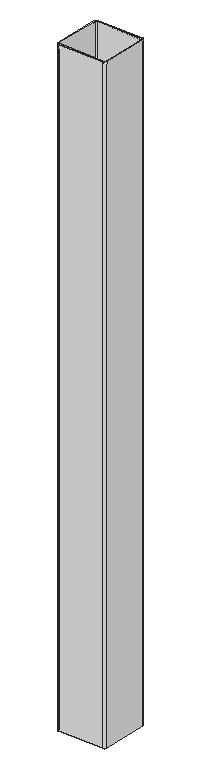
Revit family "0912_Steel Column_SHS_KSD3502", category Structural Columns, Revit 2023
Family settings
  Section Shape = Not Defined
  Material for Model Behavior = Steel
  Always export as geometry = No
  Beam cutback in plan = From bounding box
  OmniClass Number = 23.25.30.11.14.11
  OmniClass Title = Columns
  Cut with Voids When Loaded = No
  Symbolic Representation = From Project Settings
  Shared = No
  Show family pre-cut in plan views = Yes
Parameters (values of type "200x200x5SHS")
  Structural Material [instance] = Steel, 45-345
  b = 200 mm
  h = 200 mm
  tr = 2 * t  # 10 mm
  t = 5 mm
  Perimeter = 0
  Nominal Weight = 0.00 kgf/m
  A = 38.70 m²
Reference planes
  plane 1 "Center (Front/Back)": y = 0
  plane 2: z = 0
  plane 3 "Center (Left/Right)": x = 0
  plane 4: x = -100
  plane 5: x = 100
  plane 6: y = 100
  plane 7: y = -100
  plane 8: x = -90
  plane 9: y = -90
  plane 10: y = 90
  plane 11: x = 90
Forms (mm)
  Extrusion 1, solid, material "Steel, 45-345" <- "Structural Material", detail levels medium
    sketch origin (0, 0, 0) x (1, 0, 0) y (0, 1, 0)
      loop
        line (-100, 100) -> (-100, -100) -> (100, -100) -> (100, 100) -> (-100, 100)
      loop
        line (-95, 95) -> (-95, -95) -> (95, -95) -> (95, 95) -> (-95, 95)
    from 0 to 2500
  Extrusion 2, solid, material "Steel, 45-345" <- "Structural Material", detail levels fine
    sketch origin (0, 0, 0) x (1, 0, 0) y (0, 1, 0)
      loop
        arc (-90, 100) -> (-97.071, 97.071) -> (-100, 90) r 10
        line (-100, 90) -> (-100, -90)
        arc (-100, -90) -> (-97.071, -97.071) -> (-90, -100) r 10
        line (-90, -100) -> (90, -100)
        arc (90, -100) -> (97.071, -97.071) -> (100, -90) r 10
        line (100, -90) -> (100, 90)
        arc (100, 90) -> (97.071, 97.071) -> (90, 100) r 10
        line (90, 100) -> (-90, 100)
      loop
        arc (-90, 95) -> (-93.536, 93.536) -> (-95, 90) r 5
        line (-95, 90) -> (-95, -90)
        arc (-95, -90) -> (-93.536, -93.536) -> (-90, -95) r 5
        line (-90, -95) -> (90, -95)
        arc (90, -95) -> (93.536, -93.536) -> (95, -90) r 5
        line (95, -90) -> (95, 90)
        arc (95, 90) -> (93.536, 93.536) -> (90, 95) r 5
        line (90, 95) -> (-90, 95)
    from 0 to 2500
Lines and regions (mm)
  symbolic lines, style "StructuralColumnStickSymbols", detail levels coarse
    curve 1: line (-100, 100, 0) -> (100, 100, 0)
    curve 2: line (-100, -100, 0) -> (100, -100, 0)
    curve 5: line (-100, 100, 0) -> (-100, -100, 0)
    curve 6: line (100, 100, 0) -> (100, -100, 0)
  symbolic lines, style "Hidden Faces", detail levels medium+fine
    curve 3: line (-95, 0, 0) -> (-95, 0, 2500)
    curve 4: line (95, 0, 2500) -> (95, 0, 0)
Dimensions and locks
  equal spacing: plane 4, plane 3 "Center (Left/Right)", plane 5
  equal spacing: plane 7, plane 1 "Center (Front/Back)", plane 6
  "h": plane 7 to plane 6
  "b": plane 4 to plane 5
  "t": Extrusion 1 sketch curve to plane 5
  "t": plane 4 to Extrusion 1 sketch curve
  "t": Extrusion 1 sketch curve to plane 6
  "t": Extrusion 1 sketch curve to plane 7
  "t": Extrusion 2 sketch curve to plane 6
  "t": Extrusion 2 sketch curve to plane 5
  "t": plane 4 to Extrusion 2 sketch curve
  "t": Extrusion 2 sketch curve to plane 7
  "tr": plane 10 to plane 6
  "tr": plane 7 to plane 9
  "tr": plane 11 to plane 5
  "tr": plane 4 to plane 8
  aligned and locked: plane 6 to Extrusion 1 sketch curve
  aligned and locked: Extrusion 1 sketch curve to plane 7
  aligned and locked: Extrusion 1 sketch curve to plane 4
  aligned and locked: plane 5 to Extrusion 1 sketch curve
  aligned and locked: level to Extrusion 1
  aligned and locked: level to plane 2
  aligned and locked: Extrusion 1 to plane 2
  aligned and locked: curve 1 to Extrusion 2 sketch curve
  aligned and locked: Extrusion 2 sketch curve to Extrusion 1
  aligned and locked: level to Extrusion 2
  aligned and locked: curve 4 to Extrusion 2
  aligned and locked: curve 3 to Extrusion 2
Automatic sketch dimensions
  Extrusion 2 sketch curve to plane 8 = 0 mm  (x4)
  Extrusion 2 sketch curve to plane 7 = 0 mm
  Extrusion 2 sketch curve to plane 11 = 0 mm
  Extrusion 2 sketch curve to plane 10 = 0 mm  (x2)
  Extrusion 2 sketch curve to plane 9 = 0 mm  (x2)
  curve 3 to level = 0 mm  (x2)
  curve 4 to level = 0 mm  (x2)
  curve 5 to plane 4 = 0 mm
  curve 2 to plane 5 = 0 mm
  curve 5 to plane 7 = 0 mm
  curve 5 to plane 6 = 0 mm
